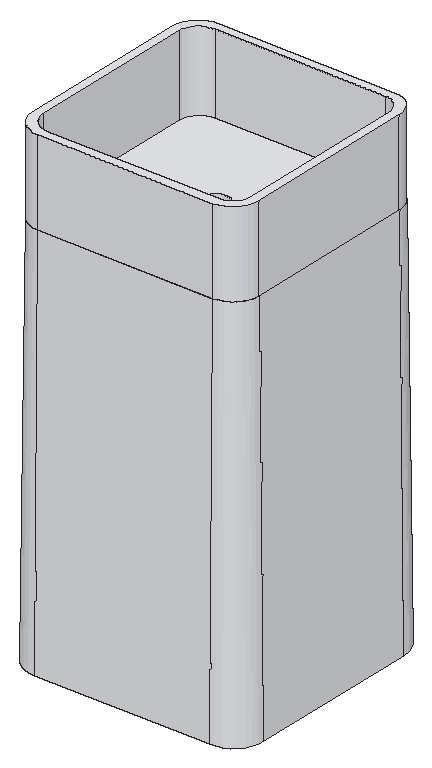
Revit family "Deca_Cuba Quadrada com Coluna de Piso_LC.26", category Plumbing Fixtures, host Face, Revit 2013
Parameters (values of type "LC.26.17_Branco Gelo GE17")
  WFU = 0
  Vendido Separadamente = "Válvulas de escoamentos compatíveis: Luxo: Cromado (1601.C), Branco (1601.E.BR), Gold (1601.D.GLD); Click: Cromado (1601.C.CL). Competitivo: Cromado (1602.C), Dourado (1602.D); Tampão plástico: Cromado (1602.C.PLA)."  # constant formula
  Variações de COR = "Branco (LC.26.17); Marrom Fosco (LC.26.22); Ébano Fosco (LC.26.94); Ébano (LC.26.95)."  # constant formula
  URL = "www.deca.com.br/produtos"
  Segmento = "Luxo"  # constant formula
  Raio Ponto de Esgoto = 20 mm  # constant formula
  Produto = "Cuba quadrada com coluna de piso"  # constant formula
  Peso Liquido (Kg) = 45.67
  Norma = "ABNT NBR 15097-1: 2011"  # constant formula
  Model = Código  # "LC.26.17"
  Material = "Deca_Fireclay"  # constant formula
  Manufacturer = "Deca"  # constant formula
  Louça/Metais = "Louça"  # constant formula
  Linha = "Cubas de piso"  # constant formula
  Informações Complementares = "Utilizar saída de esgoto pelo piso"  # constant formula
  Flow Pressure = 0.00 psi
  Diâmetro Ponto de Esgoto = Raio Ponto de Esgoto * 2  # 40 mm
  Description = "Cuba quadrada com coluna de piso"  # constant formula
  Default Elevation = 0 mm
  Código = "LC.26.17"
  Cuba = Deca GE17 Branco Gelo Cerâmica
  Criado por = "Contino/quattroD"  # constant formula
  Atendimento ao Cliente = "0800-0117073 "  # constant formula
  Assembly Code = "D2010400"
  Aprovado por = "Contino/quattroD"  # constant formula
  Acompanha do Producto = "Fixação e tubo corrugado para escoamento"  # constant formula
Types (5, lengths in mm): name | Model | Código | Cuba
  (no name) | "LC.26.17" | "LC.26.17" | Deca GE17 Branco Gelo Cerâmica
  LC.26.17_Branco Gelo GE17 | "LC.26.17" | "LC.26.17" | Deca GE17 Branco Gelo Cerâmica
  LC.26.95_Ébano EB95 | "LC.26.95" | "LC.26.95" | Deca EB95 Ébano Cerâmica
  LC.26.22_Marrom Fosco MF22 | "LC.26.22" | "LC.26.22" | Deca MF22 Marrom Fosco Cerâmica
  LC.26.94_Ébano Fosco EF94 | "LC.26.94" | "LC.26.94" | Deca EB94 Ébano Fosco Cerâmica
Reference planes
  plane 1 "Center (Front/Back)": y = 0
  plane 2: z = 0
  plane 3 "Center (Left/Right)": x = 0
  plane 4 "Left 1": x = -207.502
  plane 5 "Right 1": x = 207.502
  plane 6 "Top 1": z = 850
  plane 7 "Back 1": y = 207.502
  plane 8 "Front 1": y = -207.502
Forms (mm)
  Extrusion 1, void
    sketch origin (0, 0, 580) x (0, 1, 0) y (-1, 0, 0)
      loop
        circle (0, 0) r 22.902
    from 83.716 to 161.469
  Extrusion 2, solid, material "Deca GE17 Branco Gelo Cerâmica" <- "Cuba"
    sketch origin (0, -0.845, 580) x (0, 1, 0) y (-1, 0, 0)
      loop
        line (199.231, -154.185) -> (199.231, 154.185)
        arc (199.231, 154.185) -> (186.038, 186.038) -> (154.185, 199.231) r 45.047
        line (154.185, 199.231) -> (-154.185, 199.231)
        arc (-154.185, 199.231) -> (-186.038, 186.038) -> (-199.231, 154.185) r 45.047
        line (-199.231, 154.185) -> (-199.231, -154.185)
        arc (-199.231, -154.185) -> (-186.038, -186.038) -> (-154.185, -199.231) r 45.047
        line (-154.185, -199.231) -> (154.185, -199.231)
        arc (154.185, -199.231) -> (186.038, -186.038) -> (199.231, -154.185) r 45.047
      loop
        line (184.732, -149.304) -> (184.732, 149.304)
        arc (184.732, 149.304) -> (174.356, 174.356) -> (149.304, 184.732) r 35.428
        line (149.304, 184.732) -> (-149.304, 184.732)
        arc (-149.304, 184.732) -> (-174.356, 174.356) -> (-184.732, 149.304) r 35.428
        line (-184.732, 149.304) -> (-184.732, -149.304)
        arc (-184.732, -149.304) -> (-174.356, -174.356) -> (-149.304, -184.732) r 35.428
        line (-149.304, -184.732) -> (149.304, -184.732)
        arc (149.304, -184.732) -> (174.356, -174.356) -> (184.732, -149.304) r 35.428
    from 120 to 270
  Extrusion 3, solid, material "Deca GE17 Branco Gelo Cerâmica" <- "Cuba"
    sketch origin (0, 0, 700) x (1, 0, 0) y (0, 1, 0)
      loop
        line (-184.732, 149.304) -> (-184.732, -149.304)
        arc (-184.732, -149.304) -> (-174.356, -174.356) -> (-149.304, -184.732) r 35.428
        line (-149.304, -184.732) -> (149.304, -184.732)
        arc (149.304, -184.732) -> (174.356, -174.356) -> (184.732, -149.304) r 35.428
        line (184.732, -149.304) -> (184.732, 149.304)
        arc (184.732, 149.304) -> (174.356, 174.356) -> (149.304, 184.732) r 35.428
        line (149.304, 184.732) -> (-149.304, 184.732)
        arc (-149.304, 184.732) -> (-174.356, 174.356) -> (-184.732, 149.304) r 35.428
    from 0 to 10
  Blend 4, solid, material "Deca GE17 Branco Gelo Cerâmica" <- "Cuba"
    base sketch origin (0.697, -0.845, 0) x (1, 0, 0) y (0, 1, 0)
      loop
        line (206.804, -153.265) -> (206.804, 155.269)
        arc (206.804, 155.269) -> (191.212, 192.911) -> (153.57, 208.503) r 53.235
        line (153.57, 208.503) -> (-154.964, 208.503)
        arc (-154.964, 208.503) -> (-192.607, 192.911) -> (-208.199, 155.269) r 53.235
        line (-208.199, 155.269) -> (-208.199, -153.265)
        arc (-208.199, -153.265) -> (-192.607, -190.908) -> (-154.964, -206.5) r 53.235
        line (-154.964, -206.5) -> (153.57, -206.5)
        arc (153.57, -206.5) -> (191.212, -190.908) -> (206.804, -153.265) r 53.235
    top sketch origin (0.697, -0.845, 0) x (1, 0, 0) y (0, 1, 0)
      loop
        arc (199.231, 154.185) -> (186.038, 186.038) -> (154.185, 199.231) r 45.047
        line (154.185, 199.231) -> (-154.185, 199.231)
        arc (-154.185, 199.231) -> (-186.038, 186.038) -> (-199.231, 154.185) r 45.047
        line (-199.231, 154.185) -> (-199.231, -154.185)
        arc (-199.231, -154.185) -> (-186.038, -186.038) -> (-154.185, -199.231) r 45.047
        line (-154.185, -199.231) -> (154.185, -199.231)
        arc (154.185, -199.231) -> (186.038, -186.038) -> (199.231, -154.185) r 45.047
        line (199.231, -154.185) -> (199.231, 154.185)
    from 0 to 700
Cuts and joins
  Extrusion 1 cuts Extrusion 2
  Extrusion 1 cuts Extrusion 3
Lines and regions (mm)
  Masking region 1
    outline origin (0, 0, -120) x (0, 1, 0) y (-1, 0, 0)
      loop
        line (207.502, -154.267) -> (207.502, 154.267)
        arc (207.502, 154.267) -> (191.91, 191.91) -> (154.267, 207.502) r 53.235
        line (154.267, 207.502) -> (-154.267, 207.502)
        arc (-154.267, 207.502) -> (-191.91, 191.91) -> (-207.502, 154.267) r 53.235
        line (-207.502, 154.267) -> (-207.502, -154.267)
        arc (-207.502, -154.267) -> (-191.91, -191.91) -> (-154.267, -207.502) r 53.235
        line (-154.267, -207.502) -> (154.267, -207.502)
        arc (154.267, -207.502) -> (191.91, -191.91) -> (207.502, -154.267) r 53.235
  Masking region 2
    outline origin (0, 200, 0) x (-1, 0, 0) y (0, 0, 1)
      loop
        line (192.064, 850) -> (-192.064, 850)
        arc (-192.064, 850) -> (-195.954, 848.389) -> (-197.565, 844.5) r 5.5
        line (-197.565, 844.5) -> (-199.231, 703.035)
        arc (-199.231, 703.035) -> (-198.365, 700.891) -> (-196.232, 700) r 3
        line (-196.232, 700) -> (-199.267, 700) -> (-207.502, 0) -> (207.502, 0) -> (199.267, 700) -> (196.232, 700)
        arc (196.232, 700) -> (198.365, 700.891) -> (199.231, 703.035) r 3
        line (199.231, 703.035) -> (197.564, 844.565)
        arc (197.564, 844.565) -> (195.931, 848.412) -> (192.064, 850) r 5.5
  Masking region 3
    outline origin (-283.343, -0.937, 0) x (0, -1, 0) y (0, 0, 1)
      loop
        line (191.063, 850) -> (-193.066, 850)
        arc (-193.066, 850) -> (-196.932, 848.412) -> (-198.566, 844.565) r 5.5
        line (-198.566, 844.565) -> (-200.233, 703.035)
        arc (-200.233, 703.035) -> (-199.367, 700.891) -> (-197.233, 700) r 3
        line (-197.233, 700) -> (-200.269, 700) -> (-208.503, 0) -> (206.5, 0) -> (198.265, 700) -> (195.23, 700)
        arc (195.23, 700) -> (197.364, 700.891) -> (198.23, 703.035) r 3
        line (198.23, 703.035) -> (196.562, 844.565)
        arc (196.562, 844.565) -> (194.929, 848.412) -> (191.063, 850) r 5.5
  symbolic lines
    curve 1: line (-64.865, 200, 0) -> (64.866, 200, 0)
    curve 2: line (-154.185, 199.232, -120) -> (154.267, 199.232, -120)
    curve 3: line (-199.267, 154.267, -120) -> (-199.267, -154.185, -120)
    curve 4: arc (-154.185, 199.231, -120) -> (-186.038, 186.038, -120) -> (-199.233, 154.184, -120) r 45.047
    curve 5: line (152.484, -199.232, -120) -> (-154.491, -199.232, -120)
    curve 6: arc (-199.231, -154.185, -120) -> (-186.146, -185.93, -120) -> (-154.491, -199.232, -120) r 45.047
    curve 7: line (199.267, -154.267, -120) -> (199.267, 154.185, -120)
    curve 8: arc (152.484, -199.232, -120) -> (185.45, -186.711, -120) -> (199.267, -154.267, -120) r 45
    curve 9: arc (199.233, 154.184, -120) -> (186.038, 186.038, -120) -> (154.185, 199.231, -120) r 45.047
    curve 10: line (184.732, 154.793, -120) -> (184.732, -154.793, -120)
    curve 11: line (178.634, -148.694, -120) -> (178.634, 148.695, -120)
    curve 12: line (-154.793, 184.732, -120) -> (154.793, 184.732, -120)
    curve 13: line (148.694, 178.634, -120) -> (-148.694, 178.634, -120)
    curve 14: line (-184.732, -154.793, -120) -> (-184.732, 154.793, -120)
    curve 15: line (-178.634, 148.694, -120) -> (-178.634, -148.694, -120)
    curve 16: line (154.793, -184.732, -120) -> (-154.793, -184.732, -120)
    curve 17: line (-148.694, -178.634, -120) -> (148.694, -178.634, -120)
    curve 18: line (-154.793, -184.732, -120) -> (-148.694, -178.634, -120)
    curve 19: line (-178.634, -148.694, -120) -> (-184.732, -154.793, -120)
    curve 20: line (148.694, -178.634, -120) -> (154.793, -184.732, -120)
    curve 21: line (184.732, -154.793, -120) -> (178.634, -148.694, -120)
    curve 22: line (207.502, -154.267, -120) -> (199.267, -154.267, -120)
    curve 23: line (154.267, -207.502, -120) -> (154.185, -199.232, -120)
    curve 24: line (178.634, 148.695, -120) -> (184.732, 154.793, -120)
    curve 25: line (154.793, 184.732, -120) -> (148.694, 178.634, -120)
    curve 26: line (199.267, 154.185, -120) -> (207.502, 154.267, -120)
    curve 27: line (154.267, 199.232, -120) -> (154.267, 207.502, -120)
    curve 28: line (-154.267, 207.502, -120) -> (-154.185, 199.232, -120)
    curve 29: line (-207.502, 154.267, -120) -> (-199.267, 154.267, -120)
    curve 30: line (-184.732, 154.793, -120) -> (-178.634, 148.694, -120)
    curve 31: line (-148.694, 178.634, -120) -> (-154.793, 184.732, -120)
    curve 32: arc (-184.732, 154.793, -120) -> (-175.963, 175.963, -120) -> (-154.793, 184.732, -120) r 29.939
    curve 33: arc (-148.694, 178.634, -120) -> (-169.865, 169.865, -120) -> (-178.634, 148.694, -120) r 29.939
    curve 34: arc (154.793, 184.732, -120) -> (175.963, 175.963, -120) -> (184.732, 154.793, -120) r 29.939
    curve 35: arc (148.694, 178.634, -120) -> (169.864, 169.865, -120) -> (178.634, 148.695, -120) r 29.939
    curve 36: arc (-184.732, -154.793, -120) -> (-175.963, -175.963, -120) -> (-154.793, -184.732, -120) r 29.939
    curve 37: arc (-178.634, -148.694, -120) -> (-169.865, -169.865, -120) -> (-148.694, -178.634, -120) r 29.939
    curve 38: arc (154.793, -184.732, -120) -> (175.963, -175.963, -120) -> (184.732, -154.793, -120) r 29.939
    curve 39: arc (148.694, -178.634, -120) -> (169.865, -169.865, -120) -> (178.634, -148.694, -120) r 29.939
    curve 40: circle (0, 0, -120) r 22 normal (0, 0, 1)
    curve 41: circle (0, 0, -120) r 30.906 normal (0, 0, -1)
    curve 42: line (196.232, 200, 700) -> (-196.232, 200, 700)
    curve 43: line (-283.343, 197.233, 700) -> (-283.343, -195.23, 700)
Dimensions and locks
  plane 6 "Top 1" to host face = 850 mm  (x2)
  plane 5 "Right 1" to plane 4 "Left 1" = 415.004 mm
  plane 8 "Front 1" to plane 7 "Back 1" = 415.004 mm  (x2)
  plane 4 "Left 1" to plane 5 "Right 1" = 415.004 mm
  aligned and locked: host face to plane 2
  aligned and locked: level to host face
Connectors
  piping at (0, 0, 700), driven by "Raio Ponto de Esgoto", driven by "Flow Pressure", driven by "WFU"
    settings: on cut or joined group of Extrusion 1, Extrusion 3, index 1, connector radius 0.7874", flow factor 0, pipe flow 0 GPM, pressure drop 0.00 psi, fitting loss kfactor 0, connector angle 0.00°, fixture units 0, engagement length 0 mm, flow configuration 3, flow direction 2, fitting loss method 0, system type 16, joint type 0, gender type 0, connector reference index -1, connector utility 0, adjustable connector no, is connector primary yes, fitting loss table "", connector description ""
